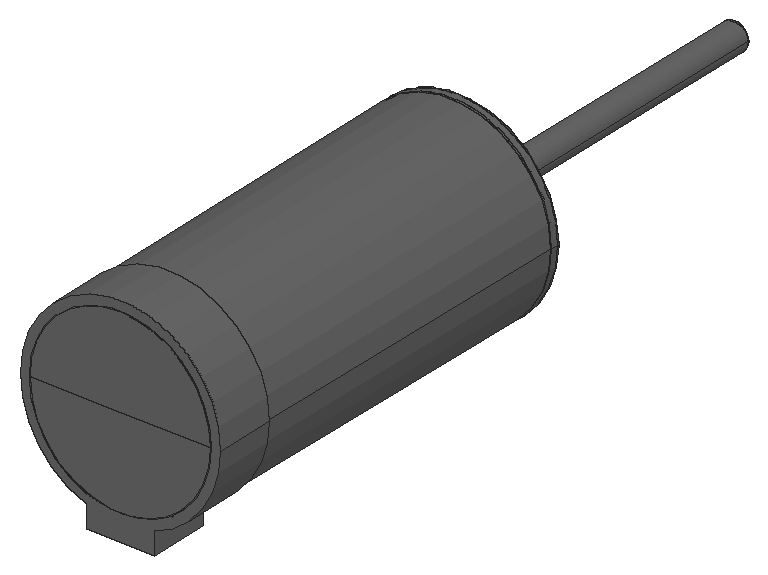
Revit family "Grohe_ToiletBrushSet_Selection_41215KF0", category Plumbing Fixtures, host Face, Revit 2020
Family settings
  Host = Face
  Round Connector Dimension = Use Diameter
  Part Type = Normal
  OmniClass Number = 23.45.05.00
  OmniClass Title = Sanitary Equipment
  Cut with Voids When Loaded = No
  Shared = No
  Room Calculation Point = No
Parameters (values of type "SELECTION Toilet Brush Set (41215KF0)")
  _ObjectUserGuide = "https://www.bimstore.co/products/grohe-41215KF0/document/object-user-guide"
  _DistributedBy = "https://www.bimstore.co/"
  _CurrentRevision = 1
  _CreatedBy = "https://www.bimstore.co/"
  _BimSpecGuid = 0
  _BSBibleVersion = 17
  _AuthorizedBy = "bimstore"
  _Author = "AM 147"
  Waste Connection = no
  WarrantyStartDate [instance] = "Please Record On Commissioning."
  WarrantyGuarantorParts = "info-uk@grohe.com"
  WarrantyGuarantorLabor = "info-uk@grohe.com"
  WarrantyDurationUnit = "Years"
  WarrantyDurationParts = "0"
  WarrantyDurationLabor = "0"
  WarrantyDescription = "n/a"
  Vent Connection = no
  URL = "https://www.grohe.co.uk/"
  TypeName = "SELECTION Toilet Brush Set"
  Type Comments = "SELECTION Toilet Brush Set"
  TPIDocumentLink = "https://cdn.cloud.grohe.com/tpi/2000/2100/2170/2171/2171289/original/2171289.pdf"
  SustainabilityReport = "green.grohe.com/reporting"
  SustainabilityAward = "green.grohe.com/awards"
  SpareParts = "info-uk@grohe.com"
  Size = "n/a"
  Shape = "n/a"
  SerialNumber [instance] = "Please Record On Commissioning."
  ReplacementCost = "n/a"
  ReferencedStandard = "n/a"
  ProductionYear = "2023"
  ProductType = "Accessory Bath"
  ProductShortText = "Toilet brush set"
  ProductPageURL = "https://www.grohe.co.uk/en_gb/-41215KF0.html"
  ProductNumber = "41215KF0"
  ProductDescription = "material: glass / metal\r\n\r\nwall mounted\r\n\r\nconcealed fastening\r\n\r\nGROHE Long-Life Shine finish"
  PrimaryMaterial = Grohe_MattBlack
  PQDiagramLink = "n/a"
  NominalLength = 0.0 mm
  NominalHeight = 0.0 mm
  NominalDepth = 0.0 mm
  NBSReference = "45-35-72/364"
  NBSOfficeMasterTag = "n/a"
  NBSObjectName = "Grohe - Toilet brush holders"
  NBSNote = "n/a"
  NBSDescription = "Toilet brush holders"
  ModelReference = "SELECTION Toilet Brush Set"
  ModelNumber = "41215KF0"
  Model = "SELECTION Toilet Brush Set"
  Material = "n/a"
  ManufacturerName = "Grohe"
  Manufacturer = "Grohe"
  Keynote = "N13"
  InstallationDate [instance] = "Please Record On Commissioning."
  IfcExportType = "IfcPipeFittingType"
  IfcExportAs = "IfcPipeFitting"
  HW Connection = no
  Grade = "n/a"
  GROHESustainability = "green.grohe.com"
  GROHESocialCommittment = "green.grohe.com/social_engagement"
  FullRecyclabilityOfPlastic = "All plastic components are fully recyclable"
  Finish = "n/a"
  Features = "n/a"
  ExpectedLife = 0
  Ecojoy = no
  EF024496 = "Matt glass"
  EF024495 = "TRUE"
  EF024463 = "Round"
  EF024078 = "FALSE"
  EF023686 = "Black"
  EF022280 = "TRUE"
  EF022116 = "Round rod"
  EF020363 = "FALSE"
  EF006243 = "not relevant"
  EF006009 = "TRUE"
  EF002169 = "Other"
  EF001187 = "TRUE"
  EF000664 = "TRUE"
  EF000139 = "Lacquered"
  EF000049 = 108.0 mm
  EF000040 = 383.0 mm
  EF000008 = 100.0 mm
  EF000007 = "Other"
  DurationUnit = "Years"
  DocumentationTechnical = "https://www.bimstore.co/products/grohe-41215KF0/document/technical-data-sheet"
  DocumentationMaintenance = "https://www.bimstore.co/products/grohe-41215KF0/document/maintenance-information"
  DocumentationLiterature = "https://www.bimstore.co/products/grohe-41215KF0/document/product-literature"
  DocumentationInstallationGuide = "https://www.bimstore.co/products/grohe-41215KF0/document/installation-guide"
  DocumentationCertificates = "https://www.bimstore.co/products/grohe-41215KF0/document/product-certificates"
  DimensionsDocumentLink = "https://cdn.cloud.grohe.com/dimdraw/100000/100000/100000/100100/100170/100175/100175299/1280/100175299.jpg"
  Description = "SELECTION Toilet Brush Set"
  Default Elevation = 0.0 mm
  CreatedOn = "2023-03-01T09:00:00"
  CreatedBy = "info-uk@grohe.com"
  CradleToCradleCertification = "n/a"
  Cost = 0
  Constituents = "n/a"
  Color = "Matt Black"
  CodePerformance = "n/a"
  ClassificationValue = "Pr_40_20_76_86"
  ClassificationName = "Uniclass2015"
  CW Connection = no
  CO2NeutralProduction = "GROHE is one of the first leading manufacturer within the sanitary industry having a CO2-neutral production."
  BarCode [instance] = "Please Record On Commissioning."
  BIMObjectName = "Grohe_ToiletBrushSet_Selection_41215KF0"
  AssetType = "Fixed"
  AssetIdentifier [instance] = "n/a"
  Assembly Code = "D2010"
  AccessibilityPerformance = "n/a"
Reference planes
  plane 1 "Center (Front/Back)": y = 0
  plane 2: z = 0
  plane 3 "Center (Left/Right)": x = 0
  plane 4: z = 58.052
Forms (mm)
  Extrusion 1, solid, material "Grohe_MattBlack" <- "PrimaryMaterial", detail levels medium+fine
    sketch origin (0, 0, 0) x (1, 0, 0) y (0, 0, 1)
      loop
        circle (0, 58.052) r 50
      loop
        circle (0, 58.052) r 45.4
    from -15 to 15
  Extrusion 2, solid, material "Grohe_MattBlack" <- "PrimaryMaterial", detail levels medium+fine
    sketch origin (0, 0, 0) x (1, 0, 0) y (0, 0, 1)
      loop
        line (-17, 11.031) -> (-17, 0) -> (17, 0) -> (17, 11.031)
        arc (17, 11.031) -> (0, 8.052) -> (-17, 11.031) r 50
    from -15 to 15
  Revolve 3, solid, material "Grohe_MattBlack" <- "PrimaryMaterial", detail levels medium+fine
    sketch origin (-50, -4572, 58.052) x (-1, 0, 0) y (0, -1, 0)
      loop
        line (-0.155, -4762.1) -> (-1.056, -4587.393) -> (-5.1, -4587.393) -> (-5.1, -4556.9) -> (-50, -4556.9) -> (-50, -4762.1) -> (-0.155, -4762.1)
      axis (-50, -4762.1) -> (-50, -4556.9)
    angle from 0 to 360
  Revolve 4, solid, material "Grohe_MattBlack" <- "PrimaryMaterial", detail levels medium+fine
    sketch origin (-50, -4572, 58.052) x (-1, 0, 0) y (0, -1, 0)
      loop
        line (-41.01, -4767.6) -> (-1, -4767.6)
        arc (-1, -4767.6) -> (-0.293, -4767.307) -> (0, -4766.6) r 1
        line (0, -4766.6) -> (0, -4763.1) -> (-0.777, -4762.6) -> (-7.708, -4762.6) -> (-7.708, -4758.6) -> (-50, -4758.6) -> (-50, -4939.6) -> (-44.01, -4939.6)
        arc (-44.01, -4939.6) -> (-43.303, -4939.307) -> (-43.01, -4938.6) r 1
        line (-43.01, -4938.6) -> (-43.01, -4765.35) -> (-42.01, -4765.35) -> (-42.01, -4766.6)
        arc (-42.01, -4766.6) -> (-41.717, -4767.307) -> (-41.01, -4767.6) r 1
      axis (-50, -4758.6) -> (-50, -4939.6)
    angle from 0 to 360
  Revolve 5, solid, material "Grohe_MattBlack" <- "PrimaryMaterial", detail levels coarse
    sketch origin (-50, -4572, 58.052) x (-1, 0, 0) y (0, -1, 0)
      loop
        line (-50, -4762.6) -> (-50, -4939.6) -> (-43.011, -4939.6) -> (-43.011, -4767.6) -> (0, -4767.6) -> (0, -4557) -> (-50, -4557) -> (-50, -4762.6)
      axis (-50, -4557) -> (-50, -4939.6)
    angle from 0 to 360
  Extrusion 6, solid, material "Grohe_MattBlack" <- "PrimaryMaterial", detail levels coarse
    sketch origin (0, 0, 0) x (1, 0, 0) y (0, 0, 1)
      loop
        line (-17, 16.999) -> (-17, 0) -> (17, 0) -> (17, 16.999) -> (-17, 16.999)
    from -15 to 15
Cuts and joins
  joined: Extrusion 1, Extrusion 2
  joined: Revolve 5, Extrusion 6
Dimensions and locks
  aligned and locked: plane 2 to host face
  aligned and locked: level to host face
